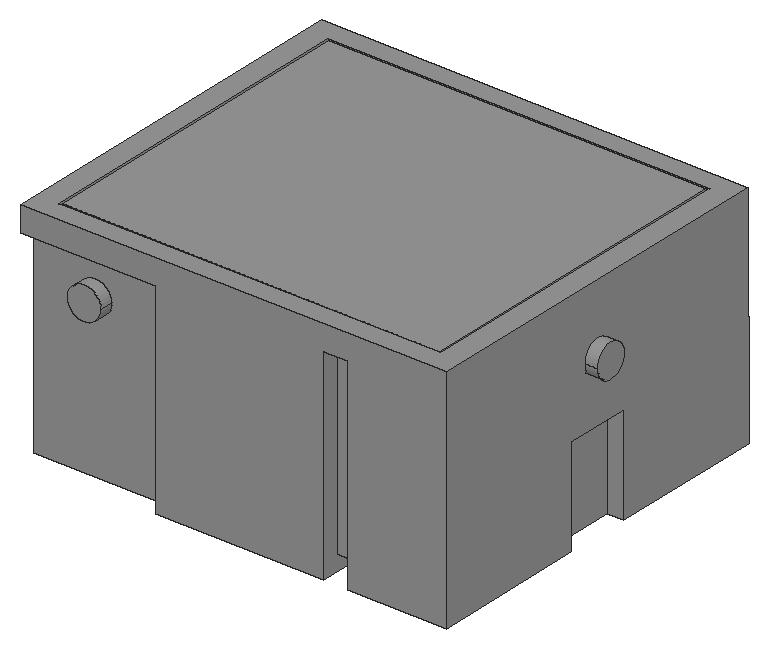
Revit family "Grease_Interceptor_Zurn-GRZE", category Plumbing Fixtures, Revit 2022
Family settings
  Round Connector Dimension = Use Radius
  Part Type = Normal
  OmniClass Number = 23.45.30.00
  OmniClass Title = Washing and Waste Disposal Equipment
  Work Plane-Based = No
  Always vertical = Yes
  Cut with Voids When Loaded = No
  Maintain Annotation Orientation = No
  Shared = No
  Room Calculation Point = No
Parameters (values of type "GRZE-25")
  Width = if(Height = 26.500", 27.000", 23.000")  # 23.000"
  Waste Connection = yes
  Vent Connection = no
  URL = "www.zurn.com"
  Type Comments = "GRZE-25"
  Side_Outlet_Voidspace = if(Height = 18.000", 8.750", if(Height = 26.500", 11.000", 8.250"))  # 8.250"
  Side_Outlet_Location = if(Height = 18.000", 4.250", if(Height = 26.500", 5.750", 3.750"))  # 3.750"
  Product data url = "https://www.bimobject.com/en-us/zurnindustries/product/GRZE"
  Product Page URL = "https://www.zurn.com/products/drainage-interceptors/grease-interceptors/hydro-mechanical-interceptor/grze"
  Product Installation Sheet URL = "https://files.zurn.com/care-cleaning-install-warranty-sheets/it112.pdf"
  Product Documentation Link = "https://files.zurn.com/spec-sheets/grze.pdf"
  Outlet_Width = Width - 0.375"  # 22.625"
  Outlet_Size_Radius = Outlet_Size / 2  # 1.000"
  Outlet_Size = if(Height = 18.000", 3.000", if(Height = 26.500", 4.000", 2.000"))  # 2.000"
  Outlet_Length = Length + 1.625"  # 27.625"
  Outlet_Height = if(Height = 18.000", 13.250", if(Height = 26.500", 21.000", 9.875"))  # 9.875"
  Modified Date = "March 9th, 2026"  # constant formula
  Model = "GRZE"  # constant formula
  Manufacurer Brand = "Zurn"  # constant formula
  Manufacturer = "Zurn Water, LLC"  # constant formula
  Main Material = Polyethylene, High Density
  Length = if(Height = 18.000", 36.000", if(Height = 26.500", 40.000", 26.000"))  # 26.000"
  Height = 14.000"
  Handle_Height = if(Height = 18.000", 8.000", if(Height = 26.500", 14.625", 6.000"))  # 6.000"
  HW Connection = no
  Groove_Position = if(Height = 18.000", 21.500", if(Height = 26.500", 11.125", 6.000"))  # 6.000"
  GPM = if(Height = 18.000", 50 GPM, if(Height = 26.500", 75 GPM, 25 GPM))  # 25 GPM
  Description = "25 GPM PLASTIC GREASE INTERCEPTOR"
  Default Elevation = 0.000"
  Date Created = "March 9th, 2026"  # constant formula
  CW Connection = no
  Assembly Code = "D2090300"
  Approx. Weight (Lbs) = 53.000"
Types (4): name | Width | Type Comments | Side_Outlet_Voidspace | Side_Outlet_Location | Outlet_Width | Outlet_Size_Radius | Outlet_Size | Outlet_Length | Outlet_Height | Length | Height | Handle_Height | Groove_Position | GPM | Description | Approx. Weight (Lbs)
  (no name) | 23.000" | "GRZE-25" | 8.250" | 3.750" | 22.625" | 1.000" | 2.000" | 27.625" | 9.875" | 26.000" | 14.000" | 6.000" | 6.000" | 25 GPM | "25 GPM PLASTIC GREASE INTERCEPTOR" | 53.000"
  GRZE-25 | 23.000" | "GRZE-25" | 8.250" | 3.750" | 22.625" | 1.000" | 2.000" | 27.625" | 9.875" | 26.000" | 14.000" | 6.000" | 6.000" | 25 GPM | "25 GPM PLASTIC GREASE INTERCEPTOR" | 53.000"
  GRZE-50 | 23.000" | "GRZE-50" | 8.750" | 4.250" | 22.625" | 1.500" | 3.000" | 37.625" | 13.250" | 36.000" | 18.000" | 8.000" | 21.500" | 50 GPM | "50 GPM PLASTIC GREASE INTERCEPTOR" | 74.000"
  GRZE-75 | 27.000" | "GRZE-75" | 11.000" | 5.750" | 26.625" | 2.000" | 4.000" | 41.625" | 21.000" | 40.000" | 26.500" | 14.625" | 11.125" | 75 GPM | "75 GPM PLASTIC GREASE INTERCEPTOR" | 100.000"
Reference planes (in)
  plane 1 "Center (Front/Back)": y = 0
  plane 2: z = 0
  plane 3 "Center (Left/Right)": x = 0
  plane 4: z = 14
  plane 5: x = 13
  plane 6: x = -13
  plane 7: x = -13.8125
  plane 8: x = 13.8125
  plane 9: y = -11.5
  plane 10: y = 11.5
  plane 11: y = -11.3125
  plane 12: y = 11.3125
  plane 13: z = 9.875
  plane 14: x = -9.25
  plane 15: x = -11.625
  plane 16: z = 13.5
  plane 17: x = 11.625
  plane 18: y = -10.25
  plane 19: y = 10.125
  plane 20: y = -10.125
  plane 21: x = -11.5
  plane 22: x = 11.5
  plane 23: x = -12
  plane 24: x = 12
  plane 25: z = 1
  plane 26: z = 12.5
  plane 27: z = 6
  plane 28: y = -2
  plane 29: y = 2
  plane 30: x = -4.75
  plane 31: y = 10.5
  plane 32: y = -10.5
  plane 33: x = 7
  plane 34: x = 5.5
Forms (in)
  Extrusion 1, solid, material "Polyethylene, High Density" <- "Main Material", detail levels fine
    sketch origin (0, 0, 0) x (1, 0, 0) y (0, 0, 1)
      loop
        line (-13, 14) -> (-13, 0) -> (13, 0) -> (13, 14) -> (-13, 14)
    from -11.5 to 11.5
  Extrusion 2, solid, material "Polyethylene, High Density" <- "Main Material", detail levels fine
    sketch origin (0, 0, 0) x (0, 1, 0) y (0, 0, 1)
      loop
        circle (0, 9.875) r 1
    from -13.8125 to 13.8125
  Extrusion 3, solid, material "Polyethylene, High Density" <- "Main Material", detail levels fine
    sketch origin (0, 0, 0) x (1, 0, 0) y (0, 0, 1)
      loop
        circle (-9.25, 9.875) r 1
    from -11.3125 to 11.3125
  Extrusion 4, void
    sketch origin (0, 0, 0) x (1, 0, 0) y (0, 0, 1)
      loop
        line (-11.625, 14) -> (-11.625, 13.5) -> (11.625, 13.5) -> (11.625, 14) -> (-11.625, 14)
    from -10.25 to 10.25
  Extrusion 5, solid, material "Polyethylene, High Density" <- "Main Material", detail levels fine
    sketch origin (0, 0, 0) x (1, 0, 0) y (0, 1, 0)
      loop
        line (-11.5, 10.125) -> (-11.5, -10.125) -> (11.5, -10.125) -> (11.5, 10.125) -> (-11.5, 10.125)
    from 14 to 13.5
  Extrusion 6, void
    sketch origin (0, 0, 0) x (1, 0, 0) y (0, 0, 1)
      loop
        line (-13, 6) -> (-13, 0) -> (-12, 0) -> (-12, 6) -> (-13, 6)
      loop
        line (13, 6) -> (12, 6) -> (12, 0) -> (13, 0) -> (13, 6)
    from -2 to 2
  Extrusion 7, void
    sketch origin (0, 0, 0) x (0, 1, 0) y (0, 0, 1)
      loop
        line (10.5, 12.5) -> (10.5, 0) -> (11.5, 0) -> (11.5, 12.5) -> (10.5, 12.5)
      loop
        line (-11.5, 12.5) -> (-11.5, 0) -> (-10.5, 0) -> (-10.5, 12.5) -> (-11.5, 12.5)
    from -13 to -4.75
  Extrusion 8, void
    sketch origin (0, 0, 0) x (0, 1, 0) y (0, 0, 1)
      loop
        line (-10.5, 12.5) -> (-11.5, 12.5) -> (-11.5, 0) -> (11.5, 0) -> (11.5, 12.5) -> (10.5, 12.5) -> (10.5, 1) -> (-10.5, 1) -> (-10.5, 12.5)
    from 5.5 to 7
Cuts and joins
  Extrusion 4, Extrusion 6, Extrusion 7, Extrusion 8 cuts Extrusion 1
Lines and regions (in)
  model lines
    curve 1: line (-13, 11.5, 14) -> (13, 11.5, 14)
    curve 2: line (-13, -11.5, 14) -> (-13, 11.5, 14)
    curve 3: line (13, -11.5, 14) -> (-13, -11.5, 14)
    curve 4: line (13, 11.5, 14) -> (13, -11.5, 14)
    curve 5: line (-13.8125, 0, 9.875) -> (13.8125, 0, 9.875)
    curve 6: line (-9.25, -11.3125, 9.875) -> (-9.25, 11.3125, 9.875)
    curve 7: circle (-9.25, 11.3125, 9.875) r 1 normal (0, -1, 0)
    curve 8: circle (-9.25, -11.3125, 9.875) r 1 normal (0, -1, 0)
    curve 9: circle (-13.8125, 0, 9.875) r 1 normal (1, 0, 0)
    curve 10: circle (13.8125, 0, 9.875) r 1 normal (1, 0, 0)
    curve 11: line (0, 0, 14) -> (0, 0, 0)
Dimensions and locks (in)
  "Height": plane 4 to plane 2
  equal spacing: plane 5, plane 3 "Center (Left/Right)", plane 6
  "Length": plane 5 to plane 6
  equal spacing: plane 8, plane 3 "Center (Left/Right)", plane 7
  "Outlet_Length": plane 8 to plane 7
  equal spacing: plane 9, plane 1 "Center (Front/Back)", plane 10
  equal spacing: plane 11, plane 1 "Center (Front/Back)", plane 12
  "Width": plane 9 to plane 10
  "Outlet_Width": plane 11 to plane 12
  "Outlet_Height": plane 13 to level
  "Side_Outlet_Location": plane 14 to plane 6
  locked: plane 4 to plane 16 at 0.5
  locked: plane 17 to plane 15 at 23.25
  equal spacing: plane 17, plane 3 "Center (Left/Right)", plane 15
  plane 1 "Center (Front/Back)" to plane 18 = 10.250"
  locked: plane 21 to plane 22 at 23
  equal spacing: plane 21, plane 3 "Center (Left/Right)", plane 22
  locked: plane 19 to plane 20 at 20.25
  equal spacing: plane 19, plane 1 "Center (Front/Back)", plane 20
  locked: plane 23 to plane 6 at 1
  locked: plane 5 to plane 24 at 1
  locked: plane 25 to level at 1
  locked: plane 4 to plane 26 at 1.5
  locked: plane 28 to plane 29 at 4
  equal spacing: plane 28, plane 1 "Center (Front/Back)", plane 29
  "Handle_Height": plane 27 to level
  "Side_Outlet_Voidspace": plane 30 to plane 6
  locked: plane 9 to plane 32 at 1
  locked: plane 31 to plane 10 at 1
  "Groove_Position": plane 5 to plane 33
  locked: plane 33 to plane 34 at 1.5
  "Outlet_Size": diameter of Extrusion 2 sketch curve
  "Outlet_Size": diameter of Extrusion 3 sketch curve
  "Outlet_Size_Radius": radius of curve 7
  "Outlet_Size_Radius": radius of curve 8
  "Outlet_Size_Radius": radius of curve 9
  "Outlet_Size_Radius": radius of curve 10
  aligned and locked: plane 2 to level
  aligned and locked: Extrusion 1 sketch curve to plane 4
  aligned and locked: Extrusion 1 sketch curve to plane 5
  aligned and locked: level to Extrusion 1 sketch curve
  aligned and locked: plane 6 to Extrusion 1 sketch curve
  aligned and locked: plane 10 to Extrusion 1
  aligned and locked: Extrusion 1 to plane 9
  aligned and locked: cut or joined group of Extrusion 1, Extrusion 4, Extrusion 6, Extrusion 7, Extrusion 8 to plane 6  (x2)
  aligned and locked: plane 1 "Center (Front/Back)" to Extrusion 2 sketch curve
  aligned and locked: plane 13 to Extrusion 2 sketch curve
  aligned and locked: plane 8 to Extrusion 2
  aligned and locked: Extrusion 2 to plane 7
  aligned and locked: plane 13 to Extrusion 3 sketch curve
  aligned and locked: plane 14 to Extrusion 3 sketch curve
  aligned and locked: Extrusion 3 to plane 11
  aligned and locked: plane 12 to Extrusion 3
  aligned and locked: plane 15 to Extrusion 4 sketch curve
  aligned and locked: plane 16 to Extrusion 4 sketch curve
  aligned and locked: Extrusion 4 sketch curve to plane 4
  aligned and locked: Extrusion 4 sketch curve to plane 17
  aligned and locked: cut or joined group of Extrusion 1, Extrusion 4, Extrusion 6, Extrusion 7, Extrusion 8 to plane 18
  aligned and locked: Extrusion 5 sketch curve to plane 22
  aligned and locked: plane 20 to Extrusion 5 sketch curve
  aligned and locked: Extrusion 5 sketch curve to plane 19
  aligned and locked: plane 21 to Extrusion 5 sketch curve
  aligned and locked: cut or joined group of Extrusion 1, Extrusion 4, Extrusion 6, Extrusion 7, Extrusion 8 to Extrusion 5
  aligned and locked: plane 4 to Extrusion 5
  aligned and locked: Extrusion 6 sketch curve to plane 27
  aligned and locked: plane 23 to Extrusion 6 sketch curve
  aligned and locked: plane 6 to Extrusion 6 sketch curve
  aligned and locked: level to Extrusion 6 sketch curve
  aligned and locked: plane 27 to Extrusion 6 sketch curve
  aligned and locked: Extrusion 6 sketch curve to plane 24
  aligned and locked: plane 5 to Extrusion 6 sketch curve
  aligned and locked: Extrusion 6 sketch curve to level
  aligned and locked: plane 29 to Extrusion 6
  aligned and locked: Extrusion 6 to plane 28
  aligned and locked: Extrusion 7 sketch curve to plane 10
  aligned and locked: plane 31 to Extrusion 7 sketch curve
  aligned and locked: level to Extrusion 7 sketch curve  (x2)
  aligned and locked: Extrusion 7 sketch curve to plane 26  (x2)
  aligned and locked: plane 9 to Extrusion 7 sketch curve
  aligned and locked: Extrusion 7 sketch curve to plane 32
  aligned and locked: cut or joined group of Extrusion 1, Extrusion 4, Extrusion 6, Extrusion 7, Extrusion 8 to plane 30
  aligned and locked: Extrusion 8 sketch curve to plane 10
  aligned and locked: plane 31 to Extrusion 8 sketch curve
  aligned and locked: Extrusion 8 sketch curve to plane 32
  aligned and locked: plane 9 to Extrusion 8 sketch curve
  aligned and locked: Extrusion 8 sketch curve to plane 26  (x2)
  aligned and locked: level to Extrusion 8 sketch curve
  aligned and locked: Extrusion 8 sketch curve to plane 25
  aligned and locked: plane 33 to cut or joined group of Extrusion 1, Extrusion 4, Extrusion 6, Extrusion 7, Extrusion 8
  aligned and locked: cut or joined group of Extrusion 1, Extrusion 4, Extrusion 6, Extrusion 7, Extrusion 8 to plane 34
  aligned and locked: plane 6 to curve 2
  aligned and locked: curve 4 to plane 5
  aligned and locked: curve 1 to plane 10
  aligned and locked: plane 9 to curve 3
  aligned and locked: plane 7 to curve 5
  aligned and locked: plane 8 to curve 5
  aligned and locked: curve 5 to plane 13
  aligned and locked: plane 12 to curve 6
  aligned and locked: plane 11 to curve 6
  aligned and locked: curve 6 to plane 13
  aligned and locked: plane 14 to curve 7
  aligned and locked: plane 13 to curve 7
  aligned and locked: plane 13 to curve 8
  aligned and locked: plane 14 to curve 8
  aligned and locked: plane 1 "Center (Front/Back)" to curve 9
  aligned and locked: plane 13 to curve 9
  aligned and locked: plane 13 to curve 10
  aligned and locked: plane 1 "Center (Front/Back)" to curve 10
  aligned and locked: plane 4 to curve 11
  aligned and locked: level to curve 11
  aligned and locked: curve 11 to plane 3 "Center (Left/Right)"
Automatic sketch dimensions
  curve 3 to plane 5 = 0.000"
  curve 3 to plane 6 = 0.000"
  curve 2 to Extrusion 1 = 0.000"
  curve 4 to Extrusion 1 = 0.000"
Connectors (in)
  piping at (13.8125, 0, 9.875), diameter 2, driven by "Outlet_Size_Radius", driven by "GPM", driven by "Waste Connection"
    settings: on Extrusion 2, index 1, connector inside diameter 24", connector length 0.000", flow factor 0, pipe flow 25 GPM, pressure drop 0.00 psi, fitting loss kfactor 0, connector angle 0.00°, fixture units 0, engagement length 0.000", angle of deflection 0.00°, flow configuration 0, flow direction 1, fitting loss method 0, system type 16, joint type 0, gender type 0, connector reference index -1, connector utility 1, adjustable connector no, is connector primary yes, connector description ""
  piping at (-9.25, -11.3125, 9.875), diameter 2, driven by "Outlet_Size_Radius", driven by "GPM", driven by "Waste Connection"
    settings: on Extrusion 3, index 2, connector inside diameter 24", connector length 0.000", flow factor 0, pipe flow 25 GPM, pressure drop 0.00 psi, fitting loss kfactor 0, connector angle 0.00°, fixture units 0, engagement length 0.000", angle of deflection 0.00°, flow configuration 0, flow direction 2, fitting loss method 0, system type 16, joint type 0, gender type 0, connector reference index -1, connector utility 1, adjustable connector no, is connector primary no, connector description ""
  piping at (-13.8125, 0, 9.875), diameter 2, driven by "Outlet_Size_Radius", driven by "GPM", driven by "Waste Connection"
    settings: on Extrusion 2, index 3, connector inside diameter 24", connector length 0.000", flow factor 0, pipe flow 25 GPM, pressure drop 0.00 psi, fitting loss kfactor 0, connector angle 0.00°, fixture units 0, engagement length 0.000", angle of deflection 0.00°, flow configuration 0, flow direction 2, fitting loss method 0, system type 16, joint type 0, gender type 0, connector reference index -1, connector utility 1, adjustable connector no, is connector primary no, connector description ""
  piping at (-9.25, 11.3125, 9.875), diameter 2, driven by "Outlet_Size_Radius", driven by "GPM", driven by "Waste Connection"
    settings: on Extrusion 3, index 4, connector inside diameter 24", connector length 0.000", flow factor 0, pipe flow 25 GPM, pressure drop 0.00 psi, fitting loss kfactor 0, connector angle 0.00°, fixture units 0, engagement length 0.000", angle of deflection 0.00°, flow configuration 0, flow direction 2, fitting loss method 0, system type 16, joint type 0, gender type 0, connector reference index -1, connector utility 1, adjustable connector no, is connector primary no, connector description ""
